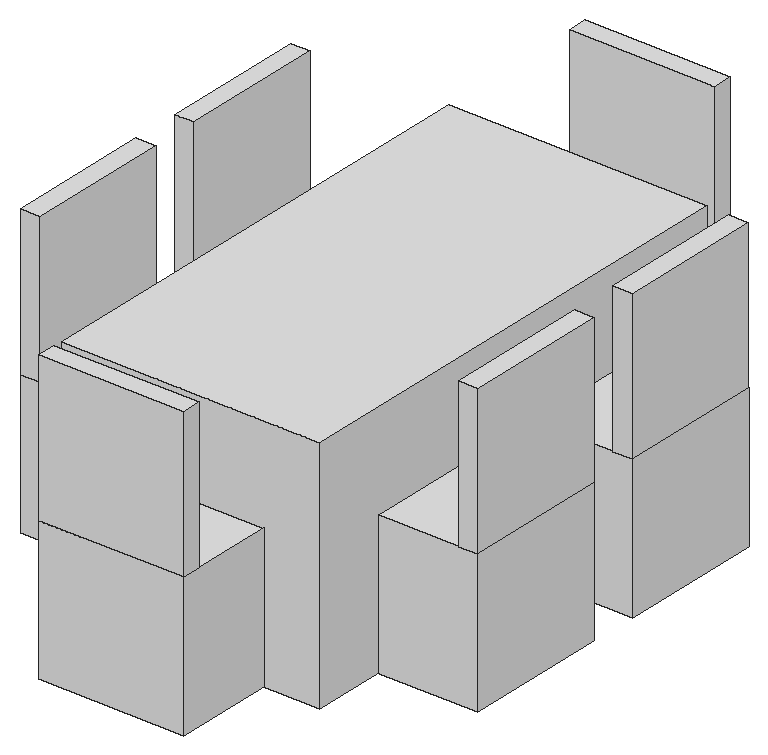
Revit family "LE Table", category Furniture, Revit 2018
Family settings
  OmniClass Number = 23.40.20.00
  OmniClass Title = General Furniture and Specialties
  Work Plane-Based = No
  Always vertical = Yes
  Cut with Voids When Loaded = No
  Shared = No
  Room Calculation Point = No
Parameters (values of type "800x1500mm 6 Person")
  Width = 800 mm
  URL = "https://studiole.uk"
  Seats at Head = yes
  Manufacturer = "LE"
  Length = 1500 mm
  Height = 740 mm
  Circulation Right [instance] = yes
  Circulation Head [instance] = yes
  Circulation Foot [instance] = yes
  Circulation Space = 750 mm
  Circulation Left [instance] = yes
  Frame Material = Generic, White
  Chairs per Side = 2
  Chair Pull = 250 mm
  Chair Offset = 450 mm
  Chair Material = Generic, White
Types (7, lengths in mm): name | Seats at Head | Manufacturer | Length | Circulation Head | Circulation Foot | Chairs per Side | Chair Offset
  800x1200mm 4 Person | no | "LE" | 1200 | no | no | 2 | 350
  800x1800mm 8 Person | yes | "LE" | 1800 | yes | yes | 3 | 400
  800x1500mm 6 Person | yes | "LE" | 1500 | yes | yes | 2 | 450
  800x800mm 2 Person | no | "LE" | 800 | no | no | 2 | 400
  800x2300mm 10 Person | yes | "LE" | 2300 | yes | yes | 4 | 400
  800x2800mm 12 Person | yes | "LE" | 2800 | yes | yes | 5 | 400
  800x1650mm 8 Person | yes | "StudioLE" | 1650 | yes | yes | 3 | 350
Reference planes
  plane 1 "Center (Front/Back)": y = 0
  plane 2: z = 0
  plane 3 "Center (Left/Right)": x = 0
  plane 4 "Left": x = -400
  plane 5 "Right": x = 400
  plane 6 "Foot": y = -750
  plane 7 "Head": y = 750
  plane 8: x = -1150
  plane 9: x = 1150
  plane 10 "Foot Circulation": y = -1500
  plane 11 "Height": z = 740
  plane 12 "Chair 1": y = 300
  plane 13 "Chair 2": y = -300
  plane 14 "Head Circulation": y = 1500
Forms (mm)
  Extrusion 1, solid, material "Generic, White" <- "Frame Material"
    sketch origin (0, 0, 0) x (1, 0, 0) y (0, 1, 0)
      loop
        line (-400, 750) -> (-400, -750) -> (400, -750) -> (400, 750) -> (-400, 750)
    from 0 to 740 <- "Height"
Lines and regions (mm)
  model lines, style "FurnitureHiddenLines", visible <- "Circulation Left"
    curve 1: line (-1150, 750, 0) -> (-1150, -750, 0)
    curve 5: line (-1150, 750, 0) -> (-400, 750, 0)
    curve 7: line (-1150, -750, 0) -> (-400, -750, 0)
  model lines, style "FurnitureHiddenLines", visible <- "Circulation Right"
    curve 2: line (1150, 750, 0) -> (1150, -750, 0)
    curve 6: line (400, 750, 0) -> (1150, 750, 0)
    curve 8: line (400, -750, 0) -> (1150, -750, 0)
  model lines, style "FurnitureHiddenLines", visible <- "Circulation Foot"
    curve 3: line (-400, -1500, 0) -> (400, -1500, 0)
    curve 9: line (-400, -1500, 0) -> (-400, -750, 0)
    curve 10: line (400, -1500, 0) -> (400, -750, 0)
  model lines, style "FurnitureHiddenLines", visible <- "Circulation Head"
    curve 4: line (-400, 1500, 0) -> (400, 1500, 0)
    curve 11: line (-400, 1500, 0) -> (-400, 750, 0)
    curve 12: line (400, 1500, 0) -> (400, 750, 0)
Dimensions and locks
  "Length": plane 7 "Head" to plane 6 "Foot"
  equal spacing: plane 7 "Head", plane 1 "Center (Front/Back)", plane 6 "Foot"
  "Width": plane 4 "Left" to plane 5 "Right"
  equal spacing: plane 4 "Left", plane 3 "Center (Left/Right)", plane 5 "Right"
  "Circulation Space": plane 8 to plane 4 "Left"
  "Circulation Space": plane 5 "Right" to plane 9
  "Circulation Space": plane 6 "Foot" to plane 10 "Foot Circulation"
  "Height": plane 11 "Height" to plane 2
  "Chair Pull": nested 1 to plane 7 "Head"
  "Chair Pull": nested 2 to plane 4 "Left"
  "Chair Offset": plane 7 "Head" to plane 12 "Chair 1"
  "Chair Offset": plane 6 "Foot" to plane 13 "Chair 2"
  "Chair Pull": nested 3 to Extrusion 1
  "Chair Offset": nested 2 to plane 7 "Head"
  group 1 to group 2 = 0 mm  (x2)
  group 2 to group 1 = 600 mm
  "Chair Offset": nested 4 to plane 6 "Foot"
  "Chair Pull": nested 4 to plane 4 "Left"
  "Chair Offset": plane 7 "Head" to nested 5
  group 3 to group 4 = 0 mm  (x2)
  group 4 to group 3 = 600 mm
  "Chair Offset": plane 6 "Foot" to nested 6
  "Chair Pull": plane 5 "Right" to nested 5
  "Chair Pull": plane 5 "Right" to nested 6
  "Circulation Space": plane 14 "Head Circulation" to plane 7 "Head"
  aligned and locked: level to plane 2
Automatic sketch dimensions
  Extrusion 1 sketch curve to plane 4 "Left" = 0 mm
  Extrusion 1 sketch curve to plane 5 "Right" = 0 mm
  Extrusion 1 sketch curve to plane 6 "Foot" = 0 mm
  Extrusion 1 sketch curve to plane 7 "Head" = 0 mm
  curve 1 to plane 7 "Head" = 0 mm
  curve 1 to plane 8 = 0 mm
  curve 3 to plane 4 "Left" = 0 mm
  curve 4 to plane 4 "Left" = 0 mm
  curve 8 to plane 5 "Right" = 0 mm
  curve 6 to plane 5 "Right" = 0 mm
  curve 6 to plane 9 = 0 mm
  curve 9 to plane 10 "Foot Circulation" = 0 mm
  curve 2 to plane 6 "Foot" = 0 mm
  curve 9 to plane 6 "Foot" = 0 mm
  curve 12 to plane 7 "Head" = 0 mm
  plane 14 "Head Circulation" to curve 12 = 0 mm
Nested families
  nested 1: "LE Chair" at (0, 835, 0), visible <- "Seats at Head", type "LE Chair"
  nested 2: "LE Chair" at (-485, 300, 0) x (0, 1, 0) z (0, 0, 1), type "LE Chair"
  nested 3: "LE Chair" at (0, -835, 0), visible <- "Seats at Head", type "LE Chair"
  nested 4: "LE Chair" at (-485, -300, 0) x (0, 1, 0) z (0, 0, 1), type "LE Chair"
  nested 5: "LE Chair" at (485, 300, 0) x (0, 1, 0) z (0, 0, 1), type "LE Chair"
  nested 6: "LE Chair" at (485, -300, 0) x (0, 1, 0) z (0, 0, 1), type "LE Chair"
Definition of nested family "LE Chair"
  Parameters (values of type "450mm Standard")
    Width = 450 mm
    URL = "https://studiole.uk"
    Seat Height = 440 mm
    Manufacturer = "LE"
    Height = 400 mm
    Depth = 450 mm
    Chair Material = none
    Back Height = 900 mm
  Reference planes
    plane 1 "Center (Front/Back)": y = 0
    plane 2: z = 0
    plane 3 "Center (Left/Right)": x = 0
    plane 4 "Left": x = -225
    plane 5 "Right": x = 225
    plane 6 "Back": y = 225
    plane 7 "Front": y = -225
    plane 8 "Center L/T": y = 165
  Forms (mm)
    Extrusion 1, solid, material <- "Chair Material"
      sketch origin (0, 0, 0) x (1, 0, 0) y (0, 1, 0)
        loop
          line (-225, 225) -> (-225, -225) -> (225, -225) -> (225, 225) -> (-225, 225)
      from 0 to 440 <- "Seat Height"
    Extrusion 2, solid, material <- "Chair Material"
      sketch origin (0, 0, 0) x (1, 0, 0) y (0, 1, 0)
        loop
          line (-225, 165) -> (225, 165) -> (225, 225) -> (-225, 225) -> (-225, 165)
      from 440 <- "Seat Height" to 900 <- "Back Height"
  Dimensions and locks
    equal spacing: plane 4 "Left", plane 3 "Center (Left/Right)", plane 5 "Right"
    "Width": plane 4 "Left" to plane 5 "Right"
    "Depth": plane 7 "Front" to plane 6 "Back"
    equal spacing: plane 7 "Front", plane 1 "Center (Front/Back)", plane 6 "Back"
    plane 6 "Back" to plane 8 "Center L/T" = 60 mm
    aligned and locked: level to plane 2
  Automatic sketch dimensions
    Extrusion 1 sketch curve to plane 4 "Left" = 0 mm
    Extrusion 1 sketch curve to plane 5 "Right" = 0 mm
    plane 7 "Front" to Extrusion 1 sketch curve = 0 mm
    Extrusion 1 sketch curve to plane 6 "Back" = 0 mm
    Extrusion 2 sketch curve to plane 4 "Left" = 0 mm
    Extrusion 2 sketch curve to plane 5 "Right" = 0 mm
    Extrusion 2 sketch curve to plane 8 "Center L/T" = 0 mm
    Extrusion 2 sketch curve to plane 6 "Back" = 0 mm
